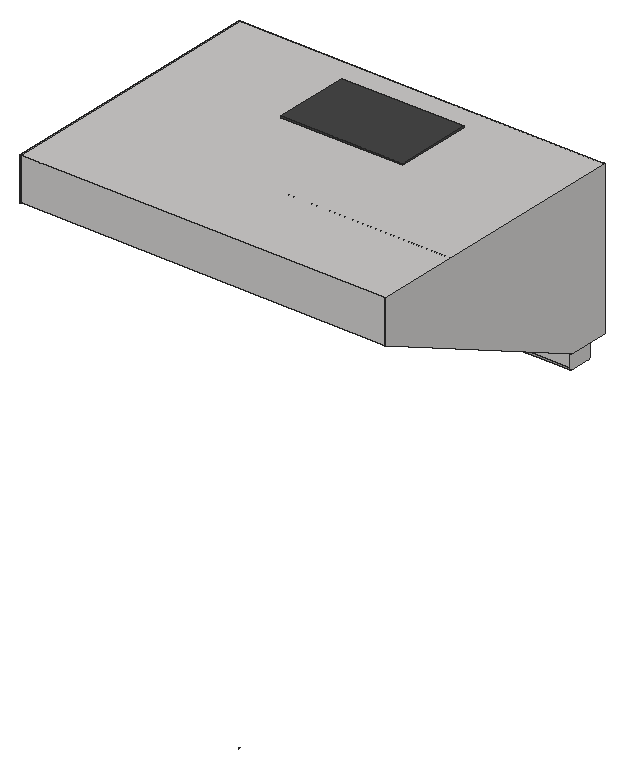
Revit family "QF_ELECTROLUXPROFESSIONAL_642286_MP912BT", category Specialty Equipment, Revit 2014
Reference planes
  plane 1: z = 0
  plane 2 "Center (Left/Right)": x = 150
  plane 3 "LEFT": x = -450
  plane 4 "RIGHT": x = 750
  plane 5 "BACK": y = 550
  plane 6 "Plane": z = 2000
  plane 7 "TOP": z = 2140
  plane 8 "Base": z = 1640
  plane 9: z = 1566
  plane 10 "DrainY": y = 485
  plane 11: x = -447
  plane 12: through (0, 414.509, 1640.8) normal (0, 0.7314, 0.682)
  plane 13: y = 470
  plane 14: y = 220
  plane 15 "DrainX": x = 630
  plane 16: x = -50
  plane 17: x = 350
  plane 18: x = 747
  plane 19: x = 540
  plane 20: x = 720
  plane 21: x = -410
  plane 22: x = 710
  plane 23: x = -47.5
  plane 24: x = 347.5
  plane 25 "FRONT": y = -350
  plane 26 "Center (Front/Back)": y = 100
Forms (mm)
  Extrusion 1, solid, material "QF_Finishes_Stainless Steel"
    sketch origin (-450, 0, 0) x (0, 1, 0) y (0, 0, 1)
      loop
        line (550, 1640) -> (550, 2140) -> (-350, 2140) -> (-350, 1998.736) -> (413.973, 1640) -> (550, 1640)
    from 0 to 3
  Extrusion 2, solid, material "QF_Finishes_Stainless Steel"
    sketch origin (150, 0, 0) x (0, 1, 0) y (0, 0, 1)
      loop
        line (415.255, 1640) -> (550, 1640) -> (550, 2139.19) -> (549.2, 2139.19) -> (549.2, 1640.8) -> (415.876, 1640.8) -> (339.347, 1722.867) -> (349.609, 1732.436) -> (348.927, 1733.167) -> (337.934, 1722.917) -> (415.255, 1640)
      loop
        line (-82.203, 2139.19) -> (-82.203, 2118.6) -> (-31.047, 2118.6) -> (34.354, 2048.466) -> (46.028, 2059.352) -> (45.346, 2060.083) -> (34.403, 2049.879) -> (-30.612, 2119.6) -> (-81.203, 2119.6) -> (-81.203, 2139.19) -> (-82.203, 2139.19)
    from -597 to 597
  Extrusion 3, solid, material "QF_Finishes_Stainless Steel"
    sketch origin (750, 0, 0) x (0, 1, 0) y (0, 0, 1)
      loop
        line (550, 1640) -> (550, 2140) -> (-350, 2140) -> (-350, 1998.736) -> (413.973, 1640) -> (550, 1640)
    from 0 to -3
  Extrusion 4, solid, material "QF_Finishes_Stainless Steel"
    sketch origin (150, 0, 0) x (0, 1, 0) y (0, 0, 1)
      loop
        line (-350, 2140) -> (-350, 2000) -> (-349.2, 2000) -> (-349.2, 2139.19) -> (550, 2139.19) -> (550, 2140) -> (-350, 2140)
    from -600 to 600
  Extrusion 5, solid, material "QF_Finishes_Stainless Steel"
    sketch origin (150, 0, 0) x (0, 1, 0) y (0, 0, 1)
      loop
        line (534, 1640) -> (436, 1640) -> (436, 1627) -> (443.5, 1627) -> (443.5, 1576)
        arc (443.5, 1576) -> (446.429, 1568.929) -> (453.5, 1566) r 10
        line (453.5, 1566) -> (516.5, 1566)
        arc (516.5, 1566) -> (523.571, 1568.929) -> (526.5, 1576) r 10
        line (526.5, 1576) -> (526.5, 1627) -> (534, 1627) -> (534, 1640)
    from 390 to 570
  Extrusion 6, solid, material "QF_Finishes_Stainless Steel"
    sketch origin (0, 0, 1640) x (0, 1, 0) y (-1, 0, 0)
      loop
        circle (485, -630) r 20
    from -76 to -74
  Extrusion 7, solid, material "QF_Finished_Chrome"
    sketch origin (150, 0, 0) x (0, 1, 0) y (0, 0, 1)
      loop
        line (337.934, 1722.917) -> (341.591, 1726.327) -> (38.011, 2051.876) -> (34.354, 2048.466) -> (337.934, 1722.917)
    from -197.5 to -560
  Extrusion 8, solid, material "QF_Finishes_Stainless Steel"
    sketch origin (150, 0, 0) x (0, 1, 0) y (0, 0, 1)
      loop
        line (337.934, 1722.917) -> (341.591, 1726.327) -> (38.011, 2051.876) -> (34.354, 2048.466) -> (337.934, 1722.917)
    from 597 to 560
  Extrusion 9, solid, material "QF_Finished_Chrome"
    sketch origin (150, 0, 0) x (0, 1, 0) y (0, 0, 1)
      loop
        line (341.588, 1726.324) -> (38.009, 2051.874) -> (34.354, 2048.466) -> (337.934, 1722.917) -> (341.588, 1726.324)
    from 197.5 to 560
  Extrusion 10, solid, material "QF_Finishes_Black"
    sketch origin (0, 0, 2140) x (0, 1, 0) y (-1, 0, 0)
      loop
        line (470, -350) -> (470, 50) -> (220, 50) -> (220, -350) -> (470, -350)
    from 5 to 0
  Extrusion 11, solid, material "QF_Finishes_Stainless Steel"
    sketch origin (0, 0, 0) x (1, 0, 0) y (0, 1, 0)
      loop
        line (-450, 550) -> (-450, 549) -> (-449, 549) -> (-449, 550) -> (-450, 550)
    from 0 to 1
  Extrusion 12, solid, material "QF_Finishes_Stainless Steel"
    sketch origin (150, 0, 0) x (0, 1, 0) y (0, 0, 1)
      loop
        line (337.934, 1722.917) -> (341.591, 1726.327) -> (38.011, 2051.876) -> (34.354, 2048.466) -> (337.934, 1722.917)
    from -560 to -597
  Extrusion 13, solid, material "QF_Finishes_Stainless Steel"
    sketch origin (150, 0, 0) x (0, 1, 0) y (0, 0, 1)
      loop
        line (337.934, 1722.917) -> (341.591, 1726.327) -> (38.011, 2051.876) -> (34.354, 2048.466) -> (337.934, 1722.917)
    from 197.5 to -197.5
Cuts and joins
  joined: Extrusion 2, Extrusion 4
Lines and regions (mm)
  reference lines
    curve 1: line (150, 34.354, 2048.466) -> (150, 34.354, 1888.466)
  symbolic lines, style "SpecialityEquipment", detail levels coarse
    curve 2: line (750, 550, 2140) -> (-450, 550, 2140)
    curve 3: line (-450, 550, 2140) -> (-450, -350, 2140)
    curve 4: line (750, -350, 2140) -> (750, 550, 2140)
    curve 5: line (-450, -350, 2140) -> (750, -350, 2140)
    curve 6: line (350, 220, 2140) -> (-50, 220, 2140)
    curve 7: line (350, 470, 2140) -> (350, 220, 2140)
    curve 8: line (-50, 470, 2140) -> (350, 470, 2140)
    curve 9: line (-50, 220, 2140) -> (-50, 470, 2140)
    curve 10: line (-450, 550, 0) -> (750, -350, 0)
    curve 11: line (750, 550, 0) -> (-450, -350, 0)
Dimensions and locks
  plane 3 "LEFT" to plane 4 "RIGHT" = 1200 mm
  equal spacing: plane 3 "LEFT", plane 2 "Center (Left/Right)", plane 4 "RIGHT"
  locked: plane 6 "Plane" to level at 2000
  plane 7 "TOP" to plane 6 "Plane" = 140 mm
  locked: plane 7 "TOP" to plane 8 "Base" at 500
  plane 8 "Base" to plane 9 = 74 mm
  plane 5 "BACK" to plane 10 "DrainY" = 65 mm  (x2)
  plane 3 "LEFT" to plane 11 = 3 mm
  plane 5 "BACK" to plane 13 = 80 mm
  plane 13 to plane 14 = 250 mm  (x2)
  plane 15 "DrainX" to plane 4 "RIGHT" = 120 mm
  plane 18 to plane 4 "RIGHT" = 3 mm
  locked: plane 19 to plane 15 "DrainX" at 90
  locked: plane 15 "DrainX" to plane 20 at 90
  plane 13 to plane 5 "BACK" = 80 mm
  locked: plane 3 "LEFT" to plane 21 at 40
  locked: plane 22 to plane 4 "RIGHT" at 40
  locked: plane 23 to plane 24 at 395
  equal spacing: plane 23, plane 2 "Center (Left/Right)", plane 24
  locked: plane 16 to plane 17 at 400
  equal spacing: plane 16, plane 2 "Center (Left/Right)", plane 17
  plane 5 "BACK" to plane 25 "FRONT" = 900 mm  (x2)
  equal spacing: plane 5 "BACK", plane 26 "Center (Front/Back)", plane 25 "FRONT"
  aligned and locked: level to plane 1
  aligned and locked: Extrusion 2 to Extrusion 1
  aligned and locked: Extrusion 2 to Extrusion 3
  aligned and locked: plane 4 "RIGHT" to Extrusion 4
  aligned and locked: Extrusion 4 to plane 3 "LEFT"
  aligned and locked: plane 18 to Extrusion 8
  aligned and locked: Extrusion 10 to plane 16
  aligned and locked: Extrusion 10 to plane 14
  aligned and locked: Extrusion 10 to plane 13
  aligned and locked: Extrusion 2 to Extrusion 4
  aligned and locked: plane 20 to Extrusion 5
  aligned and locked: Extrusion 5 to plane 19
  aligned and locked: Extrusion 8 to plane 22
  aligned and locked: Extrusion 9 to plane 22
  aligned and locked: Extrusion 7 to plane 21
  aligned and locked: Extrusion 12 to plane 11
  aligned and locked: plane 21 to Extrusion 12
  aligned and locked: Extrusion 3 to plane 18
  aligned and locked: Extrusion 10 to plane 17
  aligned and locked: plane 17 to curve 7
  aligned and locked: plane 24 to Extrusion 13
  aligned and locked: Extrusion 13 to plane 23
  aligned and locked: Extrusion 9 to plane 24
Automatic sketch dimensions
  curve 5 to plane 4 "RIGHT" = 0 mm
  curve 6 to plane 14 = 0 mm
  plane 13 to curve 8 = 0 mm
  curve 3 to plane 3 "LEFT" = 0 mm
  curve 3 to plane 5 "BACK" = 0 mm
  curve 6 to plane 16 = 0 mm
  Extrusion 2 sketch curve to plane 12 = 0 mm  (x3)
  Extrusion 2 sketch curve to plane 8 "Base" = 0 mm
  plane 12 to Extrusion 2 sketch curve = 0 mm
  Extrusion 2 sketch curve to plane 5 "BACK" = 0 mm
  Extrusion 2 sketch curve to Extrusion 2 sketch curve = 65.646 mm
  Extrusion 2 sketch curve to Extrusion 2 sketch curve = 0.682 mm  (x2)
  Extrusion 2 sketch curve to Extrusion 2 sketch curve = 10.261 mm
  plane 8 "Base" to Extrusion 2 sketch curve = 82.917 mm
  Extrusion 2 sketch curve to Extrusion 2 sketch curve = 10.942 mm
  Extrusion 2 sketch curve to Extrusion 2 sketch curve = 0.049 mm
  Extrusion 2 sketch curve to plane 7 "TOP" = 20.4 mm
  Extrusion 2 sketch curve to plane 7 "TOP" = 21.4 mm
  Extrusion 2 sketch curve to plane 7 "TOP" = 0.81 mm  (x2)
  Extrusion 2 sketch curve to Extrusion 2 sketch curve = 50.156 mm
  Extrusion 2 sketch curve to Extrusion 2 sketch curve = 1 mm
  plane 8 "Base" to Extrusion 2 sketch curve = 0.8 mm
  Extrusion 2 sketch curve to plane 5 "BACK" = 0.8 mm
  Extrusion 4 sketch curve to plane 6 "Plane" = 0 mm
  Extrusion 4 sketch curve to plane 5 "BACK" = 0 mm
  Extrusion 4 sketch curve to plane 7 "TOP" = 0 mm
  Extrusion 4 sketch curve to plane 7 "TOP" = 0.81 mm
  curve 1 to plane 12 = 0 mm
  curve 1 to plane 6 "Plane" = 111.534 mm
  Extrusion 5 sketch curve to plane 8 "Base" = 0 mm
  Extrusion 5 sketch curve to plane 9 = 0 mm
  Extrusion 5 sketch curve to plane 8 "Base" = 13 mm  (x2)
  plane 13 to Extrusion 5 sketch curve = 34 mm
  Extrusion 5 sketch curve to Extrusion 5 sketch curve = 7.5 mm  (x2)
  Extrusion 5 sketch curve to Extrusion 5 sketch curve = 10 mm
  plane 10 "DrainY" to Extrusion 5 sketch curve = 31.5 mm
  Extrusion 5 sketch curve to plane 5 "BACK" = 23.5 mm
  Extrusion 6 sketch curve to plane 10 "DrainY" = 0 mm
  Extrusion 6 sketch curve to plane 15 "DrainX" = 0 mm
  Extrusion 7 sketch curve to plane 12 = 0 mm  (x2)
  Extrusion 7 sketch curve to Extrusion 7 sketch curve = 3.657 mm
  plane 8 "Base" to Extrusion 7 sketch curve = 82.917 mm
  Extrusion 8 sketch curve to plane 12 = 0 mm  (x2)
  Extrusion 8 sketch curve to Extrusion 8 sketch curve = 3.657 mm
  plane 8 "Base" to Extrusion 8 sketch curve = 82.917 mm
  Extrusion 9 sketch curve to plane 12 = 0 mm  (x2)
  Extrusion 9 sketch curve to Extrusion 9 sketch curve = 3.655 mm
  plane 8 "Base" to Extrusion 9 sketch curve = 82.917 mm
  Extrusion 10 sketch curve to plane 14 = 0 mm
  plane 13 to Extrusion 10 sketch curve = 0 mm
  Extrusion 10 sketch curve to plane 17 = 0 mm
  Extrusion 10 sketch curve to plane 16 = 0 mm
  Extrusion 11 sketch curve to plane 3 "LEFT" = 0 mm
  Extrusion 11 sketch curve to plane 5 "BACK" = 0 mm
  plane 3 "LEFT" to Extrusion 11 sketch curve = 1 mm
  Extrusion 11 sketch curve to Extrusion 11 sketch curve = 1 mm
  Extrusion 12 sketch curve to plane 12 = 0 mm  (x2)
  Extrusion 12 sketch curve to Extrusion 12 sketch curve = 3.657 mm
  plane 8 "Base" to Extrusion 12 sketch curve = 82.917 mm
  Extrusion 13 sketch curve to plane 12 = 0 mm  (x2)
  Extrusion 13 sketch curve to Extrusion 13 sketch curve = 3.657 mm
  plane 8 "Base" to Extrusion 13 sketch curve = 82.917 mm
  Extrusion 4 sketch curve to Extrusion 4 sketch curve = 0.8 mm
  curve 5 to plane 14 = 570 mm
  plane 6 "Plane" to Extrusion 2 sketch curve = 48.466 mm
  Extrusion 4 sketch curve to plane 14 = 569.2 mm
  curve 1 to plane 14 = 185.646 mm
  plane 6 "Plane" to Extrusion 7 sketch curve = 51.876 mm
  plane 6 "Plane" to Extrusion 8 sketch curve = 51.876 mm
  plane 6 "Plane" to Extrusion 9 sketch curve = 51.874 mm
  plane 6 "Plane" to Extrusion 12 sketch curve = 51.876 mm
  plane 6 "Plane" to Extrusion 13 sketch curve = 51.876 mm
  Extrusion 3 sketch curve to plane 7 "TOP" = 0 mm
  Extrusion 3 sketch curve to plane 8 "Base" = 0 mm
  Extrusion 3 sketch curve to plane 5 "BACK" = 0 mm
  Extrusion 3 sketch curve to plane 25 "FRONT" = 0 mm
  plane 13 to Extrusion 3 sketch curve = 56.027 mm
  Extrusion 3 sketch curve to plane 6 "Plane" = 1.264 mm
  Extrusion 1 sketch curve to plane 7 "TOP" = 0 mm
  Extrusion 1 sketch curve to plane 8 "Base" = 0 mm
  Extrusion 1 sketch curve to plane 12 = 0.937 mm
  Extrusion 1 sketch curve to plane 5 "BACK" = 0 mm
  Extrusion 1 sketch curve to plane 25 "FRONT" = 0 mm
  Extrusion 1 sketch curve to plane 6 "Plane" = 1.264 mm
  curve 11 to plane 3 "LEFT" = 0 mm
  curve 10 to plane 3 "LEFT" = 0 mm
  curve 11 to plane 4 "RIGHT" = 0 mm
  curve 10 to plane 4 "RIGHT" = 0 mm
  curve 10 to plane 25 "FRONT" = 0 mm
  curve 11 to plane 25 "FRONT" = 0 mm
  curve 11 to plane 5 "BACK" = 0 mm
  curve 10 to plane 5 "BACK" = 0 mm
  radius of Extrusion 6 sketch curve = 20 mm
Connectors
  piping at (630, 485, 1564), diameter 20
    settings: on Extrusion 6, index 1, connector inside diameter 609.6 mm, connector length 0 mm, flow factor 0, pipe flow 0.0 L/s, pressure drop 0.0 Pa, fitting loss kfactor 0, connector angle 0.00°, fixture units 0, engagement length 0 mm, angle of deflection 0.00°, flow configuration 1, flow direction 2, fitting loss method 0, system type 16, joint type 0, gender type 0, connector reference index -1, connector utility 0, adjustable connector no, is connector primary yes, connector description "Drain"
  hvac at (150, 345, 2145)
    settings: on Extrusion 10, index 2, duct flow 0.0 L/s, flow factor 0, pres drop 0.0 Pa, loss coef 0, conn angle 0.00°, conn width 250 mm, conn height 400 mm, conn diameter 609.6 mm, duct sys type 3, conn prof type 1, flow config 0, flow direction 2, loss method 0, conn ref index -1, conn util no, is conn primary yes, conn desc "EXHAUST OUTLET"
